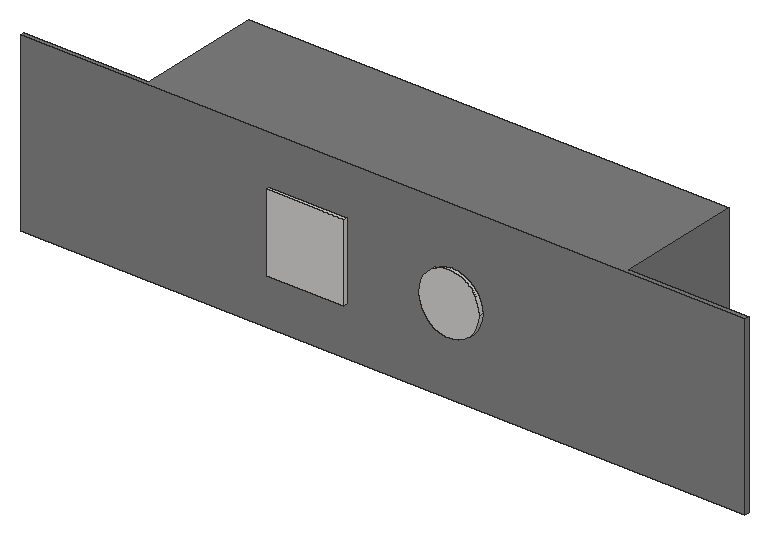
Revit family "2400V", category Generic Models, Revit 2021
Family settings
  Can host rebar = No
  Round Connector Dimension = Use Diameter
  Part Type = Normal
  Work Plane-Based = No
  Always vertical = Yes
  Cut with Voids When Loaded = No
  Shared = No
  Room Calculation Point = No
Parameters (values of type "Standard")
  e-mail = "info@vola.com"
  URL = "http://vola.com"
  Telephone = "+45 7023 5500"
  Quality management standard = "ISO 9001"
  Organisation no. / DUNS no. = "17531328"
  Occupational health and safety management standard = "ISO 18001"
  Mounting Instructions = "http://vola.com/service/producturl.ashx?name=2400V"
  Model = "2400V"
  Materials and components information = "http://vola.com/service/producturl.ashx?name=2400V"
  Manufacturer = "VOLA A/S"
  Maintenance Instructions = "http://vola.com/service/producturl.ashx?name=2400V"
  Guarantee = "2 years"
  Flow = "22,00 l/min"
  Environmental management standard = "ISO 14000"
  Default Elevation = 0.00 mm
  Connection - All relevant connections = ""
  Approvals = "http://vola.com/service/producturl.ashx?name=2400V"
Reference planes
  plane 1 "Center (Front/Back)": y = 0
  plane 2: z = 0
  plane 3 "Center (Left/Right)": x = 0
  plane 4 "Front Plane": y = -72.5
  plane 5 "Inlet Center Plane": y = -25
  plane 6: z = 70
Forms (mm)
  Extrusion 1, solid, material "Stainless Steel"
    sketch origin (0, 0, 1) x (1, 0, 0) y (0, 0, 1)
      loop
        circle (39, 69) r 16.5
    from 70.5 to 72.5
  Extrusion 2, solid, material "Stainless Steel"
    sketch origin (1032.5, -2.5, 1) x (-1, 0, 0) y (0, 0, -1)
      loop
        line (1092.5, -90) -> (1092.5, -48) -> (1050.5, -48) -> (1050.5, -90) -> (1092.5, -90)
    from 68 to 70
  Extrusion 3, solid, material "Default"
    sketch origin (0, 0, 1) x (1, 0, 0) y (0, 1, 0)
      loop
        line (-127.5, 0) -> (-127.5, -68) -> (132.5, -68) -> (132.5, 0) -> (-127.5, 0)
    from 21.5 to 116.5
  Extrusion 4, solid, material "Stainless Steel"
    sketch origin (0, 0, 22.5) x (0, 1, 0) y (1, 0, 0)
      loop
        circle (-25, -12) r 14
    from 0 to 22.5
  Extrusion 5, solid, material "Stainless Steel"
    sketch origin (-54, 0, 22.5) x (0, 1, 0) y (1, 0, 0)
      loop
        circle (-25, -12) r 14
    from 0 to 22.5
  Extrusion 6, solid, material "Default"
    sketch origin (0, 0, 0) x (1, 0, 0) y (0, 1, 0)
      loop
        line (-195, -68) -> (-195, -70.5) -> (197.5, -70.5) -> (197.5, -68) -> (-195, -68)
    from 22.5 to 117.5
Cuts and joins
  joined: Extrusion 3, Extrusion 6
Lines and regions (mm)
  reference lines
    curve 1: line (-39, -25, 70) -> (-39, -122.5, 70)
    curve 2: line (39, -37.5, 70) -> (39, -122.5, 70)
    curve 3: line (-66, -25, 70) -> (-66, -25, -29)
    curve 4: line (-12, -25, 70) -> (-12, -25, -29)
    curve 5: line (39, -37.5, 70) -> (39, -37.5, 169)
    curve 6: line (39, -37.5, 70) -> (39, -37.5, -29)
Dimensions and locks
  aligned and locked: plane 2 to level
  aligned and locked: plane 6 to curve 4
  aligned and locked: plane 6 to curve 3
  aligned and locked: Extrusion 3 to Extrusion 6
  aligned and locked: Extrusion 6 to Extrusion 3
